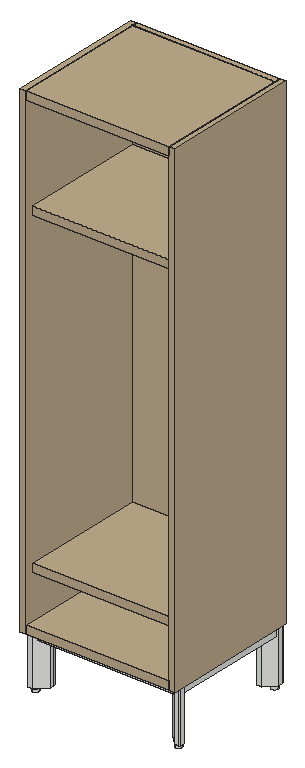
Revit family "Storage-Teknion-CTAE_Single_Side_Access_Tower_Elevated-R2021", category Furniture, Revit 2021
Family settings
  OmniClass Number = 23.40.20.00
  OmniClass Title = General Furniture and Specialties
  Work Plane-Based = No
  Always vertical = Yes
  Cut with Voids When Loaded = No
  Shared = Yes
  Room Calculation Point = No
Parameters (values of type "Side Access Open Wardrobe Full (SW), 5 High Elevated (70.25" Height)")
  Width = 18.000"  # constant formula
  Warranty = "http://www.teknion.com/ca/papers/legal-canada"
  SW - Side Access Open Wardrobe Full = yes
  Unit Weight URL = "http://www.teknion.com/ca/tools/assets#&asset=bee6a381-b954-425e-8283-5a2de3a804f2,f828d448-4b62-4231-9e5f-9a8991c0ed77"
  URL = "www.teknion.com"
  Shelf Edge Profile [instance] = "Select Shelf Edge Profile. Flat (F) are default."  # constant formula
  Shelf 5/Top 6E - Front Distance = if([5E - 5 High Elevated (70.25" Height)], 0.000", 1.000")  # 0.000"
  Top - 6E = [6E - 6 High Elevated (84" Height)]  # no
  To render please download texture images found here [instance] = "https://assets.teknion.com/web/5e81352c1dfdb467/revit-material-swatches/"
  Sustainability Data = "https://www.teknion.com/ca/tools/assets#&topic=216f99a5-57a0-44fc-b10a-9dee9b29ae4c&asset=444deb64-fe58-4b68-981e-f75e97781df7,b4ff2d81-9f2e-437d-9659-7cffb09c31cf"
  Shelf 5/Top 5E = or([6E - 6 High Elevated (84" Height)], [5E - 5 High Elevated (70.25" Height)])  # yes
  Shelf 4 = or([SF - Side Access Shelves Full Height], (and([5E - 5 High Elevated (70.25" Height)], [SW - Side Access Open Wardrobe Full])))  # yes
  Shelf 3 = [SF - Side Access Shelves Full Height]  # no
  Shelf 2 = [SF - Side Access Shelves Full Height]  # no
  Shelf 1 = or([SF - Side Access Shelves Full Height], [SW - Side Access Open Wardrobe Full])  # yes
  Series = "Chronicle"  # constant formula
  Product Page URL = "https://www.teknion.com/ca/products/product-details?productLineId=2302c16f-8e7a-673b-a6c8-ff05004460c4"
  Product Line = "Bookcases, Stackers & Towers"  # constant formula
  Product Documentation Link = "https://www.teknion.com/pricing/chronicle/pdfs/bookcases_stackers_towers_ppg.pdf"
  Part Number = "CTAE"  # constant formula
  Model = "CTAESW5E_18_"
  Manufacturer Phone = "416-661-3370"  # constant formula
  Manufacturer Fax = "416.661.4586"  # constant formula
  Manufacturer Contact Information = "http://www.teknion.com/ca/contactus"
  Manufacturer Address = "1150 Flint Road, Toronto, ON. M3J 2J5. Canada"  # constant formula
  Manufacturer = "Teknion"  # constant formula
  Knife (K) [instance] = no
  How To Use Teknion Materials User Guide [instance] = "https://assets.teknion.com/m/205dd0a49fa58060/original/How-to-add-a-Material-Library-and-Texture-Images-to-your-Revit-project.pdf"
  Height Option = "Select Height Option. 5E - 5 High Elevated (70.25 Inch) are default."  # constant formula
  Height [instance] = if([5E - 5 High Elevated (70.25" Height)], 70.250", 84.000")  # 70.250"
  SF - Side Access Shelves Full Height = not([SW - Side Access Open Wardrobe Full])  # no
  For Additional Finishes please visit [instance] = "https://assets.teknion.com/m/44a8009b046e5d47/original/Teknion_Materials_Library.zip"
  Flat (F) [instance] = not([Knife (K)])  # yes
  Description = "Single Side Access Tower, Elevated, Side Access Open Wardrobe Full Configuration, 5 High Elevated (70.25\" Height), 18\" Width"
  Depth [instance] = 20.000"
  Default Elevation = 0.000"
  Cut-Out - Knife 2 [instance] = if((and([6E - 6 High Elevated (84" Height)], [Knife (K)])), 30.000", 0.500")  # 0.500"
  Cut-Out - Knife 1 [instance] = if([Knife (K)], 30.000", 0.500")  # 0.500"
  Configuration = ""
  Case Finish [instance] = Veneer - Teknion - DV - Sierra
  Base & Foot Finish [instance] = Paint - Teknion - Foundation - Crisp Grey
  Available Depth [instance] = "20 & 24 Inch"  # constant formula
  Assembly Code = "E2020200"
  6E - 6 High Elevated (84" Height) = no
  5E - 5 High Elevated (70.25" Height) = not([6E - 6 High Elevated (84" Height)])  # yes
  2D - Shelf [instance] = or(Shelf 1, Shelf 2, Shelf 3, Shelf 4, [Shelf 5/Top 5E])  # yes
Types (4): name | SW - Side Access Open Wardrobe Full | Shelf 5/Top 6E - Front Distance | Top - 6E | Shelf 4 | Shelf 3 | Shelf 2 | Model | Height | SF - Side Access Shelves Full Height | Description | Case Finish | Base & Foot Finish | 6E - 6 High Elevated (84" Height) | 5E - 5 High Elevated (70.25" Height)
  Side Access Shelves Full Height (SF), 5 High Elevated (70.25" Height) | no | 0.000" | no | yes | yes | yes | "CTAESF5E_18_" | 70.250" | yes | "Single Side Access Tower, Elevated, Side Access Shelves Full Height Configuration, 5 High Elevated (70.25\" Height), 18\" Width" | Veneer - Teknion - U5 - Arabica Walnut | Paint - Teknion - Foundation - Crisp Grey | no | yes
  Side Access Shelves Full Height (SF), 6 High Elevated (84" Height) | no | 1.000" | yes | yes | yes | yes | "CTAESF6E_18_" | 84.000" | yes | "Single Side Access Tower, Elevated, Side Access Shelves Full Height Configuration, 6 High Elevated (84\" Height), 18\" Width" | Veneer - Teknion - DV - Sierra | Paint - Teknion - Mica - Anthracite | yes | no
  Side Access Open Wardrobe Full (SW), 6 High Elevated (84" Height) | yes | 1.000" | yes | no | no | no | "CTAESW6E_18_" | 84.000" | no | "Single Side Access Tower, Elevated, Side Access Open Wardrobe Full Configuration, 6 High Elevated (84\" Height), 18\" Width" | Veneer - Teknion - U1 - Salted Oak | Paint - Teknion - CQ - Chroma Metal - Soft Gold | yes | no
  Side Access Open Wardrobe Full (SW), 5 High Elevated (70.25" Height) | yes | 0.000" | no | yes | no | no | "CTAESW5E_18_" | 70.250" | no | "Single Side Access Tower, Elevated, Side Access Open Wardrobe Full Configuration, 5 High Elevated (70.25\" Height), 18\" Width" | Veneer - Teknion - DV - Sierra | Paint - Teknion - Foundation - Crisp Grey | no | yes
Reference planes (in)
  plane 1 "Center Front/Back": y = 0.5442
  plane 2: z = 0
  plane 3 "Center Left/Right": x = -0.45818
  plane 4 "Left": x = -10.45818
  plane 5 "Right": x = 9.54182
  plane 6 "Back": y = 9.5442
  plane 7 "Front": y = -8.4558
  plane 8 "Top": z = 70.25
  plane 9: z = 7.25
Forms (in)
  Sweep 1, solid, material "Veneer - Teknion - DV - Sierra" <- "Case Finish"
    path origin (0, 0.5442, 0) x (1, 0, 0) y (0, 0, 1)
      loop
        line (-0.45818, 70.25) -> (-0.45818, 7.25)
    profile origin (-0.45818, 0.5442, 38.75) x (0, -1, 0) y (1, 0, 0)
      loop
        line (-9, -10) -> (9, -10) -> (9, -9.27559) -> (-9, -9.27559) -> (-9, -10)
      loop
        line (9, 10) -> (-9, 10) -> (-9, 9.27559) -> (9, 9.27559) -> (9, 10)
  Sweep 2, solid, material "Veneer - Teknion - DV - Sierra" <- "Case Finish"
    path origin (0, 0.5442, 0) x (1, 0, 0) y (0, 0, 1)
      loop
        line (-0.45818, 8.28937) -> (-0.45818, 7.25)
    profile origin (-0.45818, 0.5442, 7.76969) x (0, -1, 0) y (1, 0, 0)
      loop
        line (-9, 9.27559) -> (-9, -9.27559) -> (9, -9.27559) -> (9, 9.27559) -> (-9, 9.27559)
  Sweep 3, solid, material "Veneer - Teknion - DV - Sierra" <- "Case Finish", visible <- "Shelf 1"
    path origin (0, 0.5442, 0) x (1, 0, 0) y (0, 0, 1)
      loop
        line (-0.45818, 15.03937) -> (-0.45818, 14)
    profile origin (-0.45818, 0.5442, 14.51969) x (0, -1, 0) y (1, 0, 0)
      loop
        line (-8.276, -9.27559) -> (8, -9.27559) -> (8, 9.27559) -> (-8.276, 9.27559) -> (-8.276, -9.27559)
  Sweep 4, solid, material "Veneer - Teknion - DV - Sierra" <- "Case Finish", visible <- "Shelf 2"
    path origin (0, 0.5442, 0) x (1, 0, 0) y (0, 0, 1)
      loop
        line (-0.45818, 29) -> (-0.45818, 27.96063)
    profile origin (-0.45818, 0.5442, 28.48031) x (0, -1, 0) y (1, 0, 0)
      loop
        line (8, -9.27559) -> (8, 9.27559) -> (-8.276, 9.27559) -> (-8.276, -9.27559) -> (8, -9.27559)
  Sweep 5, solid, material "Veneer - Teknion - DV - Sierra" <- "Case Finish", visible <- "Shelf 3"
    path origin (0, 0.5442, 0) x (1, 0, 0) y (0, 0, 1)
      loop
        line (-0.45818, 42.75) -> (-0.45818, 41.71063)
    profile origin (-0.45818, 0.5442, 42.23031) x (0, -1, 0) y (1, 0, 0)
      loop
        line (-8.276, -9.27559) -> (8, -9.27559) -> (8, 9.27559) -> (-8.276, 9.27559) -> (-8.276, -9.27559)
  Sweep 6, solid, material "Veneer - Teknion - DV - Sierra" <- "Case Finish", visible <- "Shelf 4"
    path origin (0, 0.5442, 0) x (1, 0, 0) y (0, 0, 1)
      loop
        line (-0.45818, 56.5) -> (-0.45818, 55.46063)
    profile origin (-0.45818, 0.5442, 55.98031) x (0, -1, 0) y (1, 0, 0)
      loop
        line (-8.27559, -9.27559) -> (8, -9.27559) -> (8, 9.27559) -> (-8.27559, 9.27559) -> (-8.27559, -9.27559)
  Sweep 7, solid, material "Veneer - Teknion - DV - Sierra" <- "Case Finish", visible <- "Shelf 5/Top 5E"
    path origin (0, 0.5442, 0) x (1, 0, 0) y (0, 0, 1)
      loop
        line (-0.45818, 70.25) -> (-0.45818, 69.21063)
    profile origin (-0.45818, 0.5442, 69.73031) x (0, -1, 0) y (1, 0, 0)
      loop
        line (-8.276, 9.27559) -> (-8.276, -9.27559) -> (9, -9.27559) -> (9, 9.27559) -> (-8.276, 9.27559)
  Sweep 8, solid, material "Veneer - Teknion - DV - Sierra" <- "Case Finish"
    path origin (0, 0.5442, 0) x (1, 0, 0) y (0, 0, 1)
      loop
        line (-0.45818, 70.25) -> (-0.45818, 8.28937)
    profile origin (-0.45818, 0.5442, 39.26969) x (0, -1, 0) y (1, 0, 0)
      loop
        line (-9, -9.27559) -> (-8.27559, -9.27559) -> (-8.27559, 9.27559) -> (-9, 9.27559) -> (-9, -9.27559)
  Sweep 9, solid, material "Veneer - Teknion - DV - Sierra" <- "Case Finish", visible <- "Top - 6E"
    path origin (0, 0.5442, 0) x (1, 0, 0) y (0, 0, 1)
      loop
        line (-0.45818, 84) -> (-0.45818, 82.96063)
    profile origin (-0.45818, 0.5442, 83.48031) x (0, -1, 0) y (1, 0, 0)
      loop
        line (9, -9.27559) -> (9, 9.27559) -> (-8.27559, 9.27559) -> (-8.27559, -9.27559) -> (9, -9.27559)
  Sweep 10, solid, material "Paint - Teknion - Foundation - Crisp Grey" <- "Base & Foot Finish"
    path origin (0, 0.5442, 0) x (1, 0, 0) y (0, 0, 1)
      loop
        line (-0.45818, 0.5) -> (-0.45818, 7.25)
    profile origin (-0.45818, 0.5442, 3.875) x (-1, 0, 0) y (0, -1, 0)
      loop
        line (9.875, 7.26612) -> (9.875, 7.87323)
        arc (9.875, 7.87323) -> (9.84571, 7.94394) -> (9.775, 7.97323) r 0.1
        line (9.775, 7.97323) -> (9.16789, 7.97323) -> (7.8951, 6.70044) -> (7.8951, 6.09333)
        arc (7.8951, 6.09333) -> (7.92439, 6.02262) -> (7.9951, 5.99333) r 0.1
        line (7.9951, 5.99333) -> (8.60221, 5.99333) -> (9.875, 7.26612)
      loop
        line (-9.875, 7.26612) -> (-8.60221, 5.99333) -> (-7.9951, 5.99333)
        arc (-7.9951, 5.99333) -> (-7.92439, 6.02262) -> (-7.8951, 6.09333) r 0.1
        line (-7.8951, 6.09333) -> (-7.8951, 6.70044) -> (-9.16789, 7.97323) -> (-9.775, 7.97323)
        arc (-9.775, 7.97323) -> (-9.84571, 7.94394) -> (-9.875, 7.87323) r 0.1
        line (-9.875, 7.87323) -> (-9.875, 7.26612)
      loop
        line (9.875, -8.10903) -> (8.60221, -6.83624) -> (7.9951, -6.83624)
        arc (7.9951, -6.83624) -> (7.92439, -6.86553) -> (7.8951, -6.93624) r 0.1
        line (7.8951, -6.93624) -> (7.8951, -7.54335) -> (9.16789, -8.81614) -> (9.775, -8.81614)
        arc (9.775, -8.81614) -> (9.84571, -8.78685) -> (9.875, -8.71614) r 0.1
        line (9.875, -8.71614) -> (9.875, -8.10903)
      loop
        line (-9.875, -8.10903) -> (-9.875, -8.71614)
        arc (-9.875, -8.71614) -> (-9.84571, -8.78685) -> (-9.775, -8.81614) r 0.1
        line (-9.775, -8.81614) -> (-9.16789, -8.81614) -> (-7.8951, -7.54335) -> (-7.8951, -6.93624)
        arc (-7.8951, -6.93624) -> (-7.92439, -6.86553) -> (-7.9951, -6.83624) r 0.1
        line (-7.9951, -6.83624) -> (-8.60221, -6.83624) -> (-9.875, -8.10903)
  Sweep 11, solid, material "Paint - Teknion - Foundation - Crisp Grey" <- "Base & Foot Finish"
    path origin (0, 0.5442, 0) x (1, 0, 0) y (0, 0, 1)
      loop
        line (-0.45818, 7) -> (-0.45818, 7.25)
    profile origin (-0.45818, 0.5442, 7.125) x (-1, 0, 0) y (0, -1, 0)
      loop
        line (9.35, -5.29114) -> (6.35, -5.29114) -> (6.35, -8.29114) -> (9.35, -8.29114) -> (9.35, -5.29114)
      loop
        line (-6.35, -5.29114) -> (-9.35, -5.29114) -> (-9.35, -8.29114) -> (-6.35, -8.29114) -> (-6.35, -5.29114)
      loop
        line (6.35, 4.44823) -> (9.35, 4.44823) -> (9.35, 7.44823) -> (6.35, 7.44823) -> (6.35, 4.44823)
      loop
        line (-9.35, 4.44823) -> (-6.35, 4.44823) -> (-6.35, 7.44823) -> (-9.35, 7.44823) -> (-9.35, 4.44823)
  Sweep 12, solid, material "Paint - Teknion - Foundation - Crisp Grey" <- "Base & Foot Finish"
    path origin (0, 0, 0) x (1, 0, 0) y (0, 1, 0)
      loop
        line (9.14182, 9.08534) -> (-10.05818, 9.08534) -> (-10.05818, -7.15403) -> (9.14182, -7.15403) -> (9.14182, 9.08534)
    profile origin (-0.45818, 9.08534, 0) x (0, -1, 0) y (0, 0, 1)
      loop
        line (0.75, 6.125) -> (0.75, 7) -> (0.25, 7) -> (0.25, 7.25) -> (0, 7.25) -> (0, 6.125) -> (0.75, 6.125)
  Sweep 13, solid, material "Paint - Teknion - Foundation - Crisp Grey" <- "Base & Foot Finish"
    path origin (0, 0.5442, 0) x (1, 0, 0) y (0, 0, 1)
      loop
        line (-0.45818, 0.27559) -> (-0.45818, 0)
    profile origin (-0.45818, 0.5442, 0.1378) x (0, -1, 0) y (1, 0, 0)
      loop
        circle (7.34468, -9.24645) r 0.41339
      loop
        circle (7.34468, 9.24645) r 0.41339
      loop
        circle (-8.18759, -9.24645) r 0.41339
      loop
        circle (-8.18759, 9.24645) r 0.41339
  Sweep 14, solid, material "Paint - Teknion - Foundation - Crisp Grey" <- "Base & Foot Finish"
    path origin (0, 0.5442, 0) x (1, 0, 0) y (0, 0, 1)
      loop
        line (-0.45818, 0.5) -> (-0.45818, 0.27559)
    profile origin (-0.45818, 0.5442, 0.3878) x (0, -1, 0) y (1, 0, 0)
      loop
        circle (7.34468, -9.24645) r 0.1875
      loop
        circle (7.34468, 9.24645) r 0.1875
      loop
        circle (-8.18759, -9.24645) r 0.1875
      loop
        circle (-8.18759, 9.24645) r 0.1875
  Sweep 15, void
    path origin (0, 0, 0) x (1, 0, 0) y (0, 1, 0)
      loop
        line (-14.95818, 0.5442) -> (-15.45818, 0.5442)
    profile origin (-15.20818, 0.5442, 0) x (0, -1, 0) y (0, 0, 1)
      loop
        line (8.37965, 56.29036) -> (5.41313, 55.21063) -> (8.37965, 55.21063) -> (8.37965, 56.29036)
      loop
        line (8.37965, 42.54036) -> (5.41313, 41.46063) -> (8.37965, 41.46063) -> (8.37965, 42.54036)
      loop
        line (8.37965, 28.79036) -> (5.41313, 27.71063) -> (8.37965, 27.71063) -> (8.37965, 28.79036)
      loop
        line (8.37965, 14.82973) -> (5.41313, 13.75) -> (8.37965, 13.75) -> (8.37965, 14.82973)
  Sweep 16, void
    path origin (0, 0, 0) x (1, 0, 0) y (0, 1, 0)
      loop
        line (-15.45818, 0.5442) -> (-14.95818, 0.5442)
    profile origin (-15.20818, 0.5442, 0) x (0, 1, 0) y (0, 0, 1)
      loop
        line (-8.37965, 68.96063) -> (-5.41313, 68.96063) -> (-8.37965, 70.04036) -> (-8.37965, 68.96063)
Cuts and joins
  joined: Sweep 10, Sweep 11, Sweep 12, Sweep 13, Sweep 14
  Sweep 16 cuts Sweep 7
  Sweep 15 cuts Sweep 6
  Sweep 15 cuts Sweep 5
  Sweep 15 cuts Sweep 4
  Sweep 15 cuts Sweep 3
Lines and regions (in)
  Masking region 1
    outline origin (0, 0, 0) x (1, 0, 0) y (0, 1, 0)
      loop
        line (-10.45818, 9.5442) -> (-10.45818, -8.4558) -> (9.54182, -8.4558) -> (9.54182, 9.5442) -> (-10.45818, 9.5442)
  symbolic lines, style "FurnitureHiddenLines", detail levels medium+fine
    curve 1: line (-6.80818, -6.90403, 0) -> (-6.80818, -3.90403, 0)
    curve 2: line (-6.80818, -3.90403, 0) -> (-9.80818, -3.90403, 0)
    curve 3: line (-9.80818, -6.90403, 0) -> (-9.80818, 8.83534, 0)
    curve 4: line (8.89182, -6.90403, 0) -> (-9.80818, -6.90403, 0)
    curve 5: line (5.89182, -3.90403, 0) -> (5.89182, -6.90403, 0)
    curve 6: line (8.89182, -3.90403, 0) -> (5.89182, -3.90403, 0)
    curve 7: line (8.89182, 8.83534, 0) -> (8.89182, -6.90403, 0)
    curve 8: line (-9.80818, 5.83534, 0) -> (-6.80818, 5.83534, 0)
    curve 9: line (-6.80818, 5.83534, 0) -> (-6.80818, 8.83534, 0)
    curve 10: line (-9.80818, 8.83534, 0) -> (8.89182, 8.83534, 0)
    curve 11: line (5.89182, 8.83534, 0) -> (5.89182, 5.83534, 0)
    curve 12: line (5.89182, 5.83534, 0) -> (8.89182, 5.83534, 0)
    curve 13: line (-9.06039, -5.44913, 0) -> (-10.33318, -6.72193, 0)
    curve 14: line (-8.45328, -5.44913, 0) -> (-9.06039, -5.44913, 0)
    curve 15: line (-8.35328, -6.15624, 0) -> (-8.35328, -5.54913, 0)
    curve 16: line (-9.62607, -7.42903, 0) -> (-8.35328, -6.15624, 0)
    curve 17: line (-10.23318, -7.42903, 0) -> (-9.62607, -7.42903, 0)
    curve 18: line (-10.33318, -6.72193, 0) -> (-10.33318, -7.32903, 0)
    curve 19: arc (-10.23318, -7.42903, 0) -> (-10.30389, -7.39974, 0) -> (-10.33318, -7.32903, 0) r 0.1
    curve 20: arc (-8.45328, -5.44913, 0) -> (-8.38257, -5.47842, 0) -> (-8.35328, -5.54913, 0) r 0.1
    curve 21: line (9.41682, -6.72193, 0) -> (8.14403, -5.44913, 0)
    curve 22: line (7.43692, -6.15624, 0) -> (8.70971, -7.42903, 0)
    curve 23: line (8.70971, -7.42903, 0) -> (9.31682, -7.42903, 0)
    curve 24: line (9.41682, -7.32903, 0) -> (9.41682, -6.72193, 0)
    curve 25: arc (9.41682, -7.32903, 0) -> (9.38753, -7.39974, 0) -> (9.31682, -7.42903, 0) r 0.1
    curve 26: line (7.43692, -5.54913, 0) -> (7.43692, -6.15624, 0)
    curve 27: line (8.14403, -5.44913, 0) -> (7.53692, -5.44913, 0)
    curve 28: arc (7.43692, -5.54913, 0) -> (7.46621, -5.47842, 0) -> (7.53692, -5.44913, 0) r 0.1
    curve 29: line (9.31682, 9.36034, 0) -> (8.70971, 9.36034, 0)
    curve 30: line (9.41682, 8.65323, 0) -> (9.41682, 9.26034, 0)
    curve 31: line (8.14403, 7.38044, 0) -> (9.41682, 8.65323, 0)
    curve 32: line (8.70971, 9.36034, 0) -> (7.43692, 8.08755, 0)
    curve 33: line (7.43692, 8.08755, 0) -> (7.43692, 7.48044, 0)
    curve 34: line (7.53692, 7.38044, 0) -> (8.14403, 7.38044, 0)
    curve 35: arc (7.53692, 7.38044, 0) -> (7.46621, 7.40973, 0) -> (7.43692, 7.48044, 0) r 0.1
    curve 36: arc (9.31682, 9.36034, 0) -> (9.38753, 9.33105, 0) -> (9.41682, 9.26034, 0) r 0.1
    curve 37: line (-8.35328, 8.08755, 0) -> (-9.62607, 9.36034, 0)
    curve 38: line (-8.35328, 7.48044, 0) -> (-8.35328, 8.08755, 0)
    curve 39: line (-9.06039, 7.38044, 0) -> (-8.45328, 7.38044, 0)
    curve 40: arc (-8.35328, 7.48044, 0) -> (-8.38257, 7.40973, 0) -> (-8.45328, 7.38044, 0) r 0.1
    curve 41: line (-10.33318, 8.65323, 0) -> (-9.06039, 7.38044, 0)
    curve 42: line (-10.33318, 9.26034, 0) -> (-10.33318, 8.65323, 0)
    curve 43: line (-9.62607, 9.36034, 0) -> (-10.23318, 9.36034, 0)
    curve 44: arc (-10.33318, 9.26034, 0) -> (-10.30389, 9.33105, 0) -> (-10.23318, 9.36034, 0) r 0.1
    curve 45: line (8.43471, 9.08534, 0) -> (-9.35107, 9.08534, 0)
    curve 46: line (-8.60107, 8.33534, 0) -> (7.68471, 8.33534, 0)
    curve 47: line (-9.30818, -5.69693, 0) -> (-9.30818, 7.62823, 0)
    curve 48: line (-10.05818, 8.37823, 0) -> (-10.05818, -6.44693, 0)
    curve 49: line (9.14182, -6.44693, 0) -> (9.14182, 8.37823, 0)
    curve 50: line (8.39182, 7.62823, 0) -> (8.39182, -5.69693, 0)
    curve 51: line (-9.35107, -7.15403, 0) -> (8.43471, -7.15403, 0)
    curve 52: line (7.68471, -6.40403, 0) -> (-8.60107, -6.40403, 0)
    curve 54: line (8.81741, 9.5442, 0) -> (-9.73377, 9.5442, 0)
  symbolic lines, style "Furniture"
    curve 53: line (-9.73377, 8.81979, 0) -> (8.81741, 8.81979, 0)
  reference lines
    curve 55: line (9.54182, 9.5442, 0) -> (9.54182, -8.4558, 0)
    curve 56: line (-10.45818, 9.5442, 0) -> (-10.45818, -8.4558, 0)
    curve 57: line (-10.45818, 9.5442, 0) -> (9.54182, 9.5442, 0)
    curve 58: line (-10.45818, -8.4558, 0) -> (9.54182, -8.4558, 0)
  symbolic lines, style "FurnitureHiddenLines", detail levels fine
    curve 59: arc (-9.29124, 8.73178, 0) -> (-9.70463, 9.14517, 0) -> (-10.11801, 8.73178, 0) r 0.41339
    curve 60: arc (-10.11801, 8.73178, 0) -> (-9.70463, 8.3184, 0) -> (-9.29124, 8.73178, 0) r 0.41339
    curve 61: arc (-9.51713, 8.73178, 0) -> (-9.70463, 8.91928, 0) -> (-9.89213, 8.73178, 0) r 0.1875
    curve 62: arc (-9.89213, 8.73178, 0) -> (-9.70463, 8.54428, 0) -> (-9.51713, 8.73178, 0) r 0.1875
    curve 63: arc (9.20165, 8.73178, 0) -> (8.78827, 9.14517, 0) -> (8.37488, 8.73178, 0) r 0.41339
    curve 64: arc (8.37488, 8.73178, 0) -> (8.78827, 8.3184, 0) -> (9.20165, 8.73178, 0) r 0.41339
    curve 65: arc (8.60077, 8.73178, 0) -> (8.78827, 8.54428, 0) -> (8.97577, 8.73178, 0) r 0.1875
    curve 66: arc (8.97577, 8.73178, 0) -> (8.78827, 8.91928, 0) -> (8.60077, 8.73178, 0) r 0.1875
    curve 67: arc (9.20165, -6.80048, 0) -> (8.78827, -6.38709, 0) -> (8.37488, -6.80048, 0) r 0.41339
    curve 68: arc (8.37488, -6.80048, 0) -> (8.78827, -7.21387, 0) -> (9.20165, -6.80048, 0) r 0.41339
    curve 69: arc (8.97577, -6.80048, 0) -> (8.78827, -6.61298, 0) -> (8.60077, -6.80048, 0) r 0.1875
    curve 70: arc (8.60077, -6.80048, 0) -> (8.78827, -6.98798, 0) -> (8.97577, -6.80048, 0) r 0.1875
    curve 71: arc (-9.29124, -6.80048, 0) -> (-9.70463, -6.38709, 0) -> (-10.11801, -6.80048, 0) r 0.41339
    curve 72: arc (-10.11801, -6.80048, 0) -> (-9.70463, -7.21387, 0) -> (-9.29124, -6.80048, 0) r 0.41339
    curve 73: arc (-9.51713, -6.80048, 0) -> (-9.70463, -6.61298, 0) -> (-9.89213, -6.80048, 0) r 0.1875
    curve 74: arc (-9.89213, -6.80048, 0) -> (-9.70463, -6.98798, 0) -> (-9.51713, -6.80048, 0) r 0.1875
  symbolic lines, style "FurnitureHiddenLines", visible <- "2D - Shelf", detail levels medium+fine
    curve 75: line (-9.73377, -7.4558, 0) -> (8.81741, -7.4558, 0)
  symbolic lines
    curve 76: line (-9.73377, -8.4558, 0) -> (-9.73377, 9.5442, 0)
    curve 77: line (8.81741, 9.5442, 0) -> (8.81741, -8.4558, 0)
  symbolic lines, style "FurnitureHiddenLines", visible <- "Knife (K)", detail levels medium+fine
    curve 78: line (8.81741, -5.5558, 0) -> (-9.73377, -5.5558, 0)
Dimensions and locks (in)
  "Depth": plane 4 "Left" to plane 5 "Right"
  "Width": plane 6 "Back" to plane 7 "Front"
  "Height": plane 8 "Top" to level
  equal spacing: plane 6 "Back", plane 1 "Center Front/Back", plane 7 "Front"
  equal spacing: plane 4 "Left", plane 3 "Center Left/Right", plane 5 "Right"
  locked: plane 9 to plane 2 at 7.25
  locked: plane 4 "Left" to Sweep 1 sketch curve at 0.72441
  locked: Sweep 1 sketch curve to plane 5 "Right" at 0.72441
  locked: Sweep 2 sketch curve to plane 9 at 1.03937
  locked: plane 4 "Left" to Sweep 2 sketch curve at 0.72441
  locked: Sweep 2 sketch curve to plane 5 "Right" at 0.72441
  Sweep 3 sketch curve to Sweep 3 sketch curve to plane 9 = 1.03937" locked, 6.750" locked
  locked: plane 6 "Back" to Sweep 3 sketch curve at 0.724
  locked: plane 7 "Front" to Sweep 3 sketch curve at 1
  locked: plane 4 "Left" to Sweep 3 sketch curve at 0.72441
  locked: Sweep 3 sketch curve to plane 5 "Right" at 0.72441
  locked: plane 6 "Back" to Sweep 4 sketch curve at 0.724
  locked: Sweep 4 sketch curve to plane 5 "Right" at 0.72441
  locked: plane 4 "Left" to Sweep 4 sketch curve at 0.72441
  Sweep 5 sketch curve to Sweep 5 sketch curve to plane 9 = 1.03937" locked, 34.46063" locked
  locked: plane 6 "Back" to Sweep 5 sketch curve at 0.724
  locked: plane 7 "Front" to Sweep 5 sketch curve at 1
  locked: plane 4 "Left" to Sweep 5 sketch curve at 0.72441
  locked: Sweep 5 sketch curve to plane 5 "Right" at 0.72441
  Sweep 6 sketch curve to Sweep 6 sketch curve to plane 9 = 1.03937" locked, 48.21063" locked
  locked: plane 7 "Front" to Sweep 6 sketch curve at 1
  locked: plane 4 "Left" to Sweep 6 sketch curve at 0.72441
  locked: Sweep 6 sketch curve to plane 5 "Right" at 0.72441
  Sweep 7 sketch curve to Sweep 7 sketch curve to plane 9 = 1.03937" locked, 61.96063" locked
  "Shelf 5/Top 6E - Front Distance": plane 7 "Front" to Sweep 7 sketch curve
  locked: plane 4 "Left" to Sweep 7 sketch curve at 0.72441
  locked: Sweep 7 sketch curve to plane 5 "Right" at 0.72441
  locked: Sweep 8 sketch curve to plane 9 at 1.03937
  locked: plane 4 "Left" to Sweep 8 sketch curve at 0.72441
  locked: Sweep 8 sketch curve to plane 5 "Right" at 0.72441
  Sweep 9 sketch curve to Sweep 9 sketch curve to plane 9 = 1.03937" locked, 75.71063" locked
  locked: plane 4 "Left" to Sweep 9 sketch curve at 0.72441
  locked: Sweep 9 sketch curve to plane 5 "Right" at 0.72441
  locked: Sweep 10 sketch curve to plane 2 at 0.5
  plane 6 "Back" to Sweep 10 sketch curve to Sweep 10 sketch curve to Sweep 10 sketch curve to Sweep 10 sketch curve to Sweep 10 sketch curve to Sweep 10 sketch curve = 0.18386" locked, 0.100" locked, 0.60711" locked, 0.56569" locked, 0.60711" locked, 0.100" locked  (x2)
  plane 4 "Left" to Sweep 10 sketch curve to Sweep 10 sketch curve to Sweep 10 sketch curve to Sweep 10 sketch curve to Sweep 10 sketch curve to Sweep 10 sketch curve = 0.125" locked, 0.100" locked, 0.60711" locked, 0.56569" locked, 0.60711" locked, 0.100" locked  (x2)
  Sweep 10 sketch curve to Sweep 10 sketch curve to Sweep 10 sketch curve to Sweep 10 sketch curve to Sweep 10 sketch curve to Sweep 10 sketch curve to plane 5 "Right" = 0.100" locked, 0.60711" locked, 0.56569" locked, 0.60711" locked, 0.100" locked, 0.125" locked  (x2)
  plane 7 "Front" to Sweep 10 sketch curve to Sweep 10 sketch curve to Sweep 10 sketch curve to Sweep 10 sketch curve to Sweep 10 sketch curve to Sweep 10 sketch curve = 1.02677" locked, 0.100" locked, 0.60711" locked, 0.56569" locked, 0.60711" locked, 0.100" locked  (x2)
  locked: plane 9 to Sweep 11 sketch curve at 0.25
  plane 4 "Left" to Sweep 11 sketch curve to Sweep 11 sketch curve = 0.650" locked, 3.000" locked
  Sweep 11 sketch curve to Sweep 11 sketch curve to plane 5 "Right" = 3.000" locked, 0.650" locked
  plane 6 "Back" to Sweep 11 sketch curve to Sweep 11 sketch curve = 0.70886" locked, 3.000" locked
  plane 7 "Front" to Sweep 11 sketch curve to Sweep 11 sketch curve = 1.55177" locked, 3.000" locked
  locked: plane 6 "Back" to Sweep 12 sketch curve at 0.45886
  locked: plane 7 "Front" to Sweep 12 sketch curve at 1.30177
  locked: plane 4 "Left" to Sweep 12 sketch curve at 0.4
  locked: Sweep 12 sketch curve to plane 5 "Right" at 0.4
  Sweep 12 sketch curve to Sweep 12 sketch curve to Sweep 12 sketch curve to plane 6 "Back" = 0.500" locked, 0.250" locked, 0.45886" locked
  plane 9 to Sweep 12 sketch curve to Sweep 12 sketch curve = 0.250" locked, 0.875" locked
  locked: Sweep 13 sketch curve to plane 2 at 0.27559
  locked: plane 4 "Left" to Sweep 13 sketch curve at 0.75355  (x2)
  locked: plane 6 "Back" to Sweep 13 sketch curve at 0.81241  (x2)
  locked: Sweep 13 sketch curve to plane 5 "Right" at 0.75355  (x2)
  locked: plane 7 "Front" to Sweep 13 sketch curve at 1.65532  (x2)
  Sweep 14 sketch curve to Sweep 14 sketch curve to plane 2 = 0.22441" locked, 0.27559" locked
  locked: plane 4 "Left" to Sweep 14 sketch curve at 0.75355  (x2)
  locked: plane 6 "Back" to Sweep 14 sketch curve at 0.81241  (x2)
  locked: Sweep 14 sketch curve to plane 5 "Right" at 0.75355  (x2)
  locked: plane 7 "Front" to Sweep 14 sketch curve at 1.65532  (x2)
  "Cut-Out - Knife 1": Sweep 15 sketch curve to Sweep 15 sketch curve
  locked: Sweep 15 sketch curve to plane 3 "Center Left/Right" at 15
  locked: Sweep 16 sketch curve to plane 3 "Center Left/Right" at 15
  "Cut-Out - Knife 2": Sweep 16 sketch curve to Sweep 16 sketch curve
  locked: plane 6 "Back" to Sweep 7 sketch curve at 0.724
  locked: plane 6 "Back" to Sweep 8 sketch curve at 0.72441
  locked: plane 6 "Back" to Sweep 6 sketch curve at 0.72441
  Sweep 4 sketch curve to Sweep 4 sketch curve to plane 9 = 1.03937" locked, 20.71063" locked
  locked: plane 7 "Front" to Sweep 4 sketch curve at 1
  Sweep 15 sketch curve to Sweep 15 sketch curve to Sweep 15 sketch curve to Sweep 15 sketch curve to Sweep 15 sketch curve to Sweep 15 sketch curve to Sweep 15 sketch curve to Sweep 15 sketch curve to plane 9 = 1.07973" locked, 12.67027" locked, 1.07973" locked, 12.67027" locked, 1.07973" locked, 12.8809" locked, 1.07973" locked, 6.500" locked
  plane 7 "Front" to Sweep 15 sketch curve to Sweep 15 sketch curve = 0.62035" locked, 2.96652" locked  (x4)
  plane 9 to Sweep 16 sketch curve to Sweep 16 sketch curve = 61.71063" locked, 1.07973" locked
  plane 7 "Front" to Sweep 16 sketch curve to Sweep 16 sketch curve = 0.62035" locked, 2.96652" locked
  locked: plane 6 "Back" to Sweep 9 sketch curve at 0.72441
  aligned and locked: level to plane 2
  aligned and locked: Sweep 1 sketch curve to plane 3 "Center Left/Right"
  aligned and locked: plane 8 "Top" to Sweep 1 sketch curve
  aligned and locked: plane 9 to Sweep 1 sketch curve
  aligned and locked: plane 6 "Back" to Sweep 1 sketch curve  (x2)
  aligned and locked: Sweep 1 sketch curve to plane 5 "Right"
  aligned and locked: Sweep 1 sketch curve to plane 4 "Left"
  aligned and locked: plane 9 to Sweep 2 sketch curve
  aligned and locked: Sweep 2 sketch curve to plane 3 "Center Left/Right"
  aligned and locked: plane 6 "Back" to Sweep 2 sketch curve
  aligned and locked: Sweep 3 sketch curve to plane 3 "Center Left/Right"
  aligned and locked: Sweep 4 sketch curve to plane 3 "Center Left/Right"
  aligned and locked: Sweep 5 sketch curve to plane 3 "Center Left/Right"
  aligned and locked: Sweep 6 sketch curve to plane 3 "Center Left/Right"
  aligned and locked: Sweep 7 sketch curve to plane 3 "Center Left/Right"
  aligned and locked: Sweep 8 sketch curve to plane 3 "Center Left/Right"
  aligned and locked: Sweep 9 sketch curve to plane 3 "Center Left/Right"
  aligned and locked: plane 9 to Sweep 10 sketch curve
  aligned and locked: plane 3 "Center Left/Right" to Sweep 10 sketch curve
  aligned and locked: plane 3 "Center Left/Right" to Sweep 11 sketch curve
  aligned and locked: plane 9 to Sweep 11 sketch curve
  aligned and locked: Sweep 11 sketch curve to Sweep 11 sketch curve  (x8)
  aligned and locked: Sweep 12 sketch curve to plane 9
  aligned and locked: Sweep 13 sketch curve to plane 3 "Center Left/Right"
  aligned and locked: plane 2 to Sweep 13 sketch curve
  aligned and locked: Sweep 14 sketch curve to plane 3 "Center Left/Right"
  aligned and locked: Masking region 1 sketch curve to plane 6 "Back"
  aligned and locked: plane 5 "Right" to Masking region 1 sketch curve
  aligned and locked: plane 4 "Left" to Masking region 1 sketch curve
  aligned and locked: Masking region 1 sketch curve to Sweep 1
  aligned and locked: curve 1 to cut or joined group of Sweep 10, Sweep 11, Sweep 12, Sweep 13, Sweep 14
  aligned and locked: curve 2 to cut or joined group of Sweep 10, Sweep 11, Sweep 12, Sweep 13, Sweep 14
  aligned and locked: curve 3 to cut or joined group of Sweep 10, Sweep 11, Sweep 12, Sweep 13, Sweep 14
  aligned and locked: curve 4 to cut or joined group of Sweep 10, Sweep 11, Sweep 12, Sweep 13, Sweep 14
  aligned and locked: curve 5 to cut or joined group of Sweep 10, Sweep 11, Sweep 12, Sweep 13, Sweep 14
  aligned and locked: curve 6 to cut or joined group of Sweep 10, Sweep 11, Sweep 12, Sweep 13, Sweep 14
  aligned and locked: curve 7 to cut or joined group of Sweep 10, Sweep 11, Sweep 12, Sweep 13, Sweep 14
  aligned and locked: curve 8 to cut or joined group of Sweep 10, Sweep 11, Sweep 12, Sweep 13, Sweep 14
  aligned and locked: curve 9 to cut or joined group of Sweep 10, Sweep 11, Sweep 12, Sweep 13, Sweep 14
  aligned and locked: curve 10 to cut or joined group of Sweep 10, Sweep 11, Sweep 12, Sweep 13, Sweep 14
  aligned and locked: curve 11 to cut or joined group of Sweep 10, Sweep 11, Sweep 12, Sweep 13, Sweep 14
  aligned and locked: curve 12 to cut or joined group of Sweep 10, Sweep 11, Sweep 12, Sweep 13, Sweep 14
  aligned and locked: curve 13 to cut or joined group of Sweep 10, Sweep 11, Sweep 12, Sweep 13, Sweep 14
  aligned and locked: curve 15 to cut or joined group of Sweep 10, Sweep 11, Sweep 12, Sweep 13, Sweep 14
  aligned and locked: curve 16 to cut or joined group of Sweep 10, Sweep 11, Sweep 12, Sweep 13, Sweep 14
  aligned and locked: curve 18 to cut or joined group of Sweep 10, Sweep 11, Sweep 12, Sweep 13, Sweep 14
  aligned and locked: curve 19 to cut or joined group of Sweep 10, Sweep 11, Sweep 12, Sweep 13, Sweep 14
  aligned and locked: curve 20 to cut or joined group of Sweep 10, Sweep 11, Sweep 12, Sweep 13, Sweep 14
  aligned and locked: curve 21 to cut or joined group of Sweep 10, Sweep 11, Sweep 12, Sweep 13, Sweep 14
  aligned and locked: curve 22 to cut or joined group of Sweep 10, Sweep 11, Sweep 12, Sweep 13, Sweep 14
  aligned and locked: curve 23 to cut or joined group of Sweep 10, Sweep 11, Sweep 12, Sweep 13, Sweep 14
  aligned and locked: curve 25 to cut or joined group of Sweep 10, Sweep 11, Sweep 12, Sweep 13, Sweep 14
  aligned and locked: curve 27 to cut or joined group of Sweep 10, Sweep 11, Sweep 12, Sweep 13, Sweep 14
  aligned and locked: curve 28 to cut or joined group of Sweep 10, Sweep 11, Sweep 12, Sweep 13, Sweep 14
  aligned and locked: curve 30 to cut or joined group of Sweep 10, Sweep 11, Sweep 12, Sweep 13, Sweep 14
  aligned and locked: curve 31 to cut or joined group of Sweep 10, Sweep 11, Sweep 12, Sweep 13, Sweep 14
  aligned and locked: curve 32 to cut or joined group of Sweep 10, Sweep 11, Sweep 12, Sweep 13, Sweep 14
  aligned and locked: curve 33 to cut or joined group of Sweep 10, Sweep 11, Sweep 12, Sweep 13, Sweep 14
  aligned and locked: curve 35 to cut or joined group of Sweep 10, Sweep 11, Sweep 12, Sweep 13, Sweep 14
  aligned and locked: curve 36 to cut or joined group of Sweep 10, Sweep 11, Sweep 12, Sweep 13, Sweep 14
  aligned and locked: curve 37 to cut or joined group of Sweep 10, Sweep 11, Sweep 12, Sweep 13, Sweep 14
  aligned and locked: curve 39 to cut or joined group of Sweep 10, Sweep 11, Sweep 12, Sweep 13, Sweep 14
  aligned and locked: curve 40 to cut or joined group of Sweep 10, Sweep 11, Sweep 12, Sweep 13, Sweep 14
  aligned and locked: curve 41 to cut or joined group of Sweep 10, Sweep 11, Sweep 12, Sweep 13, Sweep 14
  aligned and locked: curve 43 to cut or joined group of Sweep 10, Sweep 11, Sweep 12, Sweep 13, Sweep 14
  aligned and locked: curve 44 to cut or joined group of Sweep 10, Sweep 11, Sweep 12, Sweep 13, Sweep 14
  aligned and locked: curve 45 to cut or joined group of Sweep 10, Sweep 11, Sweep 12, Sweep 13, Sweep 14
  aligned and locked: curve 46 to cut or joined group of Sweep 10, Sweep 11, Sweep 12, Sweep 13, Sweep 14
  aligned and locked: curve 47 to cut or joined group of Sweep 10, Sweep 11, Sweep 12, Sweep 13, Sweep 14
  aligned and locked: curve 48 to cut or joined group of Sweep 10, Sweep 11, Sweep 12, Sweep 13, Sweep 14
  aligned and locked: curve 49 to cut or joined group of Sweep 10, Sweep 11, Sweep 12, Sweep 13, Sweep 14
  aligned and locked: curve 50 to cut or joined group of Sweep 10, Sweep 11, Sweep 12, Sweep 13, Sweep 14
  aligned and locked: curve 51 to cut or joined group of Sweep 10, Sweep 11, Sweep 12, Sweep 13, Sweep 14
  aligned and locked: curve 52 to cut or joined group of Sweep 10, Sweep 11, Sweep 12, Sweep 13, Sweep 14
  aligned and locked: curve 53 to Sweep 8
  aligned and locked: curve 54 to Sweep 8
  aligned and locked: plane 5 "Right" to curve 55
  aligned and locked: curve 56 to plane 4 "Left"
  aligned and locked: curve 57 to plane 6 "Back"
  aligned and locked: plane 7 "Front" to curve 58
  aligned and locked: curve 59 to cut or joined group of Sweep 10, Sweep 11, Sweep 12, Sweep 13, Sweep 14
  aligned and locked: curve 60 to cut or joined group of Sweep 10, Sweep 11, Sweep 12, Sweep 13, Sweep 14
  aligned and locked: curve 61 to cut or joined group of Sweep 10, Sweep 11, Sweep 12, Sweep 13, Sweep 14
  aligned and locked: curve 62 to cut or joined group of Sweep 10, Sweep 11, Sweep 12, Sweep 13, Sweep 14
  aligned and locked: curve 63 to cut or joined group of Sweep 10, Sweep 11, Sweep 12, Sweep 13, Sweep 14
  aligned and locked: curve 64 to cut or joined group of Sweep 10, Sweep 11, Sweep 12, Sweep 13, Sweep 14
  aligned and locked: curve 65 to cut or joined group of Sweep 10, Sweep 11, Sweep 12, Sweep 13, Sweep 14
  aligned and locked: curve 66 to cut or joined group of Sweep 10, Sweep 11, Sweep 12, Sweep 13, Sweep 14
  aligned and locked: curve 67 to cut or joined group of Sweep 10, Sweep 11, Sweep 12, Sweep 13, Sweep 14
  aligned and locked: curve 68 to cut or joined group of Sweep 10, Sweep 11, Sweep 12, Sweep 13, Sweep 14
  aligned and locked: curve 69 to cut or joined group of Sweep 10, Sweep 11, Sweep 12, Sweep 13, Sweep 14
  aligned and locked: curve 70 to cut or joined group of Sweep 10, Sweep 11, Sweep 12, Sweep 13, Sweep 14
  aligned and locked: curve 71 to cut or joined group of Sweep 10, Sweep 11, Sweep 12, Sweep 13, Sweep 14
  aligned and locked: curve 72 to cut or joined group of Sweep 10, Sweep 11, Sweep 12, Sweep 13, Sweep 14
  aligned and locked: curve 73 to cut or joined group of Sweep 10, Sweep 11, Sweep 12, Sweep 13, Sweep 14
  aligned and locked: curve 74 to cut or joined group of Sweep 10, Sweep 11, Sweep 12, Sweep 13, Sweep 14
  aligned and locked: plane 1 "Center Front/Back" to Sweep 15 sketch curve
  aligned and locked: Sweep 16 sketch curve to plane 1 "Center Front/Back"
  aligned and locked: nested 2 to plane 6 "Back"
  aligned and locked: nested 1 to plane 6 "Back"
  aligned and locked: plane 4 "Left" to nested 1
  aligned and locked: nested 2 to plane 5 "Right"
  aligned and locked: plane 7 "Front" to Sweep 1 sketch curve  (x2)
  aligned and locked: plane 7 "Front" to Sweep 9 sketch curve
  aligned and locked: plane 7 "Front" to Sweep 2 sketch curve
  aligned and locked: plane 8 "Top" to Sweep 8 sketch curve
  aligned and locked: Sweep 8 sketch curve to plane 6 "Back"
  aligned and locked: curve 75 to cut or joined group of Sweep 6, Sweep 15
  aligned and locked: curve 76 to Sweep 1
  aligned and locked: curve 77 to Sweep 1
Automatic sketch dimensions
  Sweep 13 sketch curve to Sweep 13 sketch curve = 0.000"  (x8)
  Sweep 13 sketch curve to Sweep 13 sketch curve = 0.41339"  (x4)
  Sweep 14 sketch curve to Sweep 14 sketch curve = 0.000"  (x8)
  Sweep 14 sketch curve to Sweep 14 sketch curve = 0.1875"  (x4)
  curve 51 to curve 68 = 0.35355"
  curve 68 to curve 21 = 0.07855"
  curve 4 to curve 69 = 0.10355"
  curve 3 to curve 73 = 0.10355"
  curve 71 to curve 73 = 0.000"
  curve 72 to curve 73 = 0.000"
  curve 73 to curve 72 = 0.000"
  curve 69 to curve 67 = 0.000"
  curve 59 to curve 45 = 0.35355"
  curve 41 to curve 59 = 0.07855"
  curve 59 to curve 61 = 0.000"
  curve 61 to curve 3 = 0.10355"
  curve 30 to curve 63 = 0.07855"
  curve 63 to curve 45 = 0.35355"
  curve 66 to curve 63 = 0.000"
  curve 65 to curve 7 = 0.10355"
  plane 7 "Front" to curve 76 = 0.000"
  plane 7 "Front" to curve 77 = 0.000"
  curve 50 to curve 78 = 0.14112"
Nested families (in)
  nested 1: "Teknion_2D_Node_Family-R2016" at (-10.45818, 9.5442, 0), type "Teknion_2D_Node_Family-R2016"
  nested 2: "Teknion_2D_Node_Family-R2016" at (9.54182, 9.5442, 0), type "Teknion_2D_Node_Family-R2016"
Definition of nested family "Teknion_2D_Node_Family-R2016"
  Reference planes (in)
    plane 1 "Center (Front/Back)": y = 0
    plane 2: z = 0
    plane 3 "Center (Left/Right)": x = 0
  Lines and regions (in)
    detail lines, in view "Ref. Level"
      curve 1: circle (0, 0, 0) r 1.25 normal (0, 0, 1)
      curve 2: line (1.91508, -1.91508, 0) -> (-1.91508, 1.91508, 0)
      curve 3: line (-1.91508, -1.91508, 0) -> (1.91508, 1.91508, 0)
